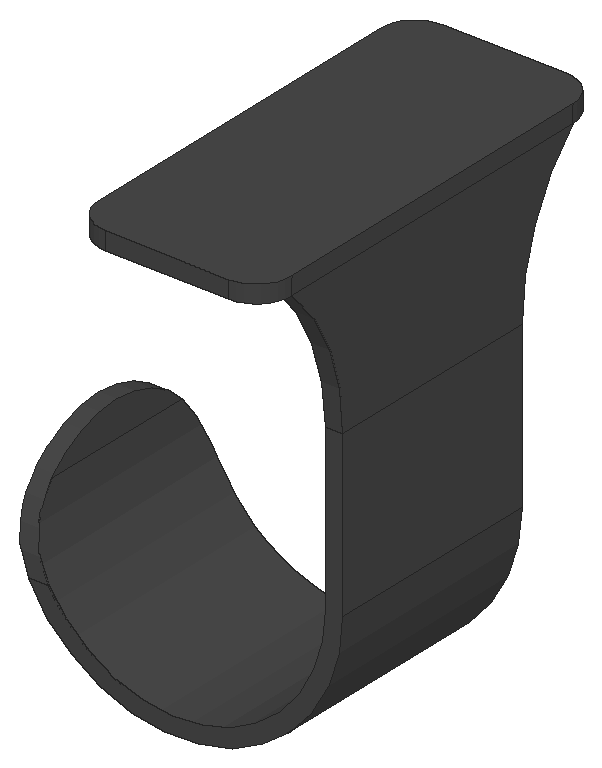
Revit family "Backpack Hook 66669", category Generic Models, Revit 2018
Family settings
  Can host rebar = No
  Round Connector Dimension = Use Diameter
  Part Type = Normal
  Work Plane-Based = No
  Always vertical = Yes
  Cut with Voids When Loaded = No
  Shared = No
  Room Calculation Point = No
Reference planes (in)
  plane 1 "Center (Front/Back)": y = 0
  plane 2: z = 0
  plane 3 "Center (Left/Right)": x = 0
Forms (in)
  Extrusion 1, solid, material "Backpack Hook 66669"
    sketch origin (0, -1.13123, 0.00752) x (1, 0, 0) y (0, 0, 1)
      loop
        line (0.43307, 0.74051) -> (0.43307, 1.47612) -> (0.35433, 1.47612) -> (0.35433, 0.74051)
        arc (0.35433, 0.74051) -> (-0.31496, 0.07122) -> (-0.98425, 0.74051) r 0.66929
        line (-0.98425, 0.74051) -> (-0.98425, 0.89799) -> (-1.06299, 0.89799) -> (-1.06299, 0.74051)
        arc (-1.06299, 0.74051) -> (-0.31496, -0.00752) -> (0.43307, 0.74051) r 0.74803
    from -1.63123 to -0.63123
  Extrusion 2, void
    sketch origin (0, 0, 0) x (0, 1, 0) y (0, 0, 1)
      loop
        line (0.5, 0.40551) -> (0.5, 1.03519) -> (-0.5, 1.03519) -> (-0.5, 0.40551)
        arc (-0.5, 0.40551) -> (0, 0.90551) -> (0.5, 0.40551) r 0.5
    from -1.27971 to -0.76738
  Extrusion 3, solid, material "Backpack Hook 66669"
    sketch origin (0, 0, 0) x (0, 1, 0) y (0, 0, 1)
      loop
        arc (-0.7874, 2.16535) -> (-0.57649, 1.85284) -> (-0.5, 1.48365) r 0.97437
        line (-0.5, 1.48365) -> (0.5, 1.48365)
        arc (0.5, 1.48365) -> (0.57649, 1.85284) -> (0.7874, 2.16535) r 0.97437
        line (0.7874, 2.16535) -> (-0.7874, 2.16535)
    from 0.35433 to 0.43307
  Extrusion 4, solid, material "Backpack Hook 66669"
    sketch origin (0, 0, 0) x (1, 0, 0) y (0, 1, 0)
      loop
        line (0.27559, 0.94488) -> (-0.27559, 0.94488)
        arc (-0.27559, 0.94488) -> (-0.38695, 0.89876) -> (-0.43307, 0.7874) r 0.15748
        line (-0.43307, 0.7874) -> (-0.43307, -0.7874)
        arc (-0.43307, -0.7874) -> (-0.38695, -0.89876) -> (-0.27559, -0.94488) r 0.15748
        line (-0.27559, -0.94488) -> (0.27559, -0.94488)
        arc (0.27559, -0.94488) -> (0.38695, -0.89876) -> (0.43307, -0.7874) r 0.15748
        line (0.43307, -0.7874) -> (0.43307, 0.7874)
        arc (0.43307, 0.7874) -> (0.38695, 0.89876) -> (0.27559, 0.94488) r 0.15748
    from 2.16535 to 2.24409
Cuts and joins
  Extrusion 2 cuts Extrusion 1
Dimensions and locks (in)
  aligned and locked: plane 2 to level
